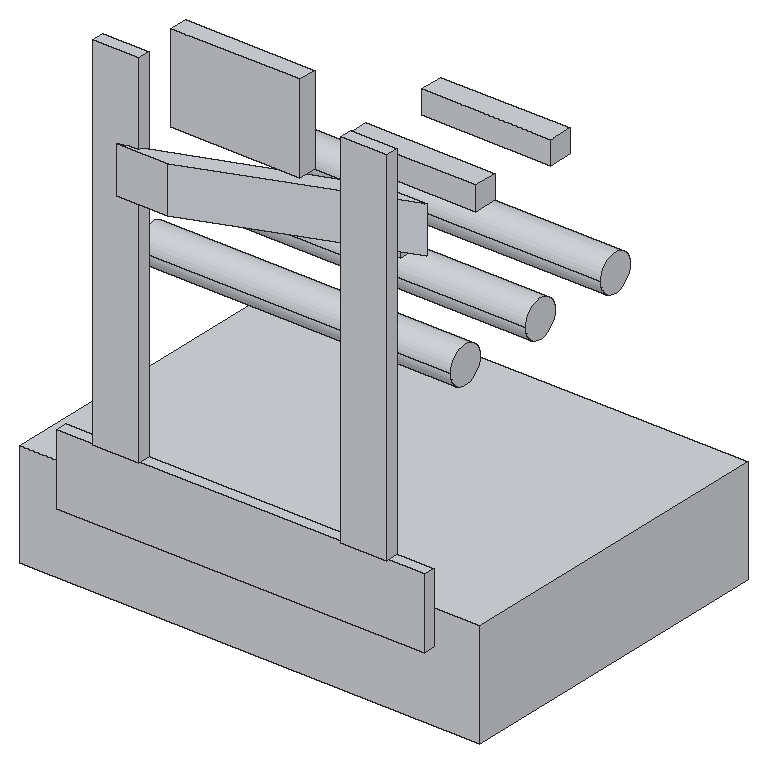
Revit family "GIS_Disconnector", category Modelos genéricos, Revit 2027
Family settings
  Pode hospedar o vergalhão = Não
  Cota do conector redondo = Utilizar diâmetro
  Tipo de parte = Normal
  Com base no plano de trabalho = Não
  Sempre na vertical = Sim
  Corte com vazios quando carregada = Não
  Manter orientação da anotação = Não
  Compartilhado = Não
  Ponto de cálculo do ambiente = Não
Parameters (values of type "GIS_DS_145KV_STUDY")
  Elevação padrão = 0 mm
  BIM_TensaoSecundaria_kV = 0
  BIM_TensaoNominal_kV = 138
  BIM_TensaoClasse_kV = 145
  BIM_TensaoClasseSecundaria_kV = 0
  BIM_Sistema_Elemento [instance] = ""
  BIM_ReferenciaCatalogo = "Portfolio estimate; no model-specific outline drawing supplied"
  BIM_Profundidade = 800 mm
  BIM_Potencia_MVA = 0
  BIM_Localizacao [instance] = ""
  BIM_Largura = 1100 mm
  BIM_Impedancia_pu = 0
  BIM_FonteGeometria = "Portfolio estimate; no model-specific outline drawing supplied"
  BIM_Fabricante = "NAO SELECIONADO"
  BIM_EstadoGeometria = "ESTIMATED"
  BIM_EstadoEspecificacao = "PREMISSA / NAO SELECIONADO"
  BIM_DescricaoEstudo = "Seccionadora GIS conceitual com mecanismo indicativo."
  BIM_CorrenteReferenciaSecundaria_A = 0
  BIM_CorrenteNominal_A = 0
  BIM_Bay [instance] = ""
  BIM_AlturaCorpoPrincipal = 252 mm
  BIM_Altura = 1400 mm
Reference planes
  plane 1 "Centro (Frente/Trás)": y = 0
  plane 2: z = 0
  plane 3 "Centro (Esquerda/Direita)": x = 0
  plane 4 "BIM Left": x = -550
  plane 5 "BIM Right": x = 550
  plane 6 "BIM Front": y = -400
  plane 7 "BIM Back": y = 400
Forms (mm)
  Extrusion 1, solid
    sketch origin (0, 0, 0) x (1, 0, 0) y (0, 1, 0)
      loop
        line (-550, -400) -> (550, -400) -> (550, 400) -> (-550, 400) -> (-550, -400)
    from 0 to 252 <- "BIM_AlturaCorpoPrincipal"
  Extrusion 2, solid
    sketch origin (0, 0, 168) x (1, 0, 0) y (0, 1, 0)
      loop
        line (-440, -427.432) -> (440, -427.432) -> (440, -400) -> (-440, -400) -> (-440, -427.432)
    from 0 to 168
  Extrusion 3, solid
    sketch origin (0, 0, 336) x (1, 0, 0) y (0, 1, 0)
      loop
        line (-352, -430.48) -> (-242, -430.48) -> (-242, -400) -> (-352, -400) -> (-352, -430.48)
    from 0 to 868
  Extrusion 4, solid
    sketch origin (0, 0, 336) x (1, 0, 0) y (0, 1, 0)
      loop
        line (242, -430.48) -> (352, -430.48) -> (352, -400) -> (242, -400) -> (242, -430.48)
    from 0 to 868
  Extrusion 5, solid
    sketch origin (0, 0, 896) x (1, 0, 0) y (0, 1, 0)
      loop
        line (-286, -439.624) -> (-165, -439.624) -> (308, -256) -> (198, -256) -> (-286, -439.624)
    from 0 to 112
  Extrusion 6, solid
    sketch origin (0, 0, 1092) x (1, 0, 0) y (0, 1, 0)
      loop
        line (-154, -442.672) -> (154, -442.672) -> (154, -400) -> (-154, -400) -> (-154, -442.672)
    from 0 to 210
  Extrusion 7, solid
    sketch origin (-374, -224, 672) x (0, 1, 0) y (0, 0, 1)
      loop
        circle (0, 0) r 44
    from 0 to 748
  Extrusion 8, solid
    sketch origin (0, 0, 868) x (1, 0, 0) y (0, 1, 0)
      loop
        line (-66, -252) -> (242, -252) -> (242, -196) -> (-66, -196) -> (-66, -252)
    from 0 to 56
  Extrusion 9, solid
    sketch origin (-374, 0, 672) x (0, 1, 0) y (0, 0, 1)
      loop
        circle (0, 0) r 44
    from 0 to 748
  Extrusion 10, solid
    sketch origin (0, 0, 868) x (1, 0, 0) y (0, 1, 0)
      loop
        line (-66, -28) -> (242, -28) -> (242, 28) -> (-66, 28) -> (-66, -28)
    from 0 to 56
  Extrusion 11, solid
    sketch origin (-374, 224, 672) x (0, 1, 0) y (0, 0, 1)
      loop
        circle (0, 0) r 44
    from 0 to 748
  Extrusion 12, solid
    sketch origin (0, 0, 868) x (1, 0, 0) y (0, 1, 0)
      loop
        line (-66, 196) -> (242, 196) -> (242, 252) -> (-66, 252) -> (-66, 196)
    from 0 to 56
Dimensions and locks
  "BIM_Largura": plane 4 "BIM Left" to plane 5 "BIM Right"
  "BIM_Profundidade": plane 6 "BIM Front" to plane 7 "BIM Back"
  aligned and locked: level to plane 2
  aligned and locked: plane 4 "BIM Left" to Extrusion 1
  aligned and locked: Extrusion 1 to plane 5 "BIM Right"
  aligned and locked: Extrusion 1 to plane 6 "BIM Front"
  aligned and locked: plane 7 "BIM Back" to Extrusion 1
Automatic sketch dimensions
  Extrusion 1 sketch curve to plane 4 "BIM Left" = 0 mm
  Extrusion 1 sketch curve to plane 5 "BIM Right" = 0 mm
  Extrusion 1 sketch curve to plane 6 "BIM Front" = 0 mm
  Extrusion 1 sketch curve to plane 7 "BIM Back" = 0 mm
  Extrusion 2 sketch curve to plane 6 "BIM Front" = 0 mm
  Extrusion 2 sketch curve to plane 6 "BIM Front" = 27.432 mm
  Extrusion 2 sketch curve to plane 4 "BIM Left" = 110 mm
  plane 5 "BIM Right" to Extrusion 2 sketch curve = 110 mm
  Extrusion 3 sketch curve to plane 6 "BIM Front" = 0 mm
  Extrusion 3 sketch curve to plane 6 "BIM Front" = 30.48 mm
  Extrusion 3 sketch curve to plane 4 "BIM Left" = 198 mm
  Extrusion 3 sketch curve to Extrusion 3 sketch curve = 110 mm
  Extrusion 4 sketch curve to plane 6 "BIM Front" = 0 mm
  Extrusion 4 sketch curve to plane 6 "BIM Front" = 30.48 mm
  plane 3 "Centro (Esquerda/Direita)" to Extrusion 4 sketch curve = 242 mm
  Extrusion 4 sketch curve to Extrusion 4 sketch curve = 110 mm
  Extrusion 5 sketch curve to plane 6 "BIM Front" = 39.624 mm
  Extrusion 5 sketch curve to plane 4 "BIM Left" = 264 mm
  Extrusion 5 sketch curve to Extrusion 5 sketch curve = 121 mm
  plane 3 "Centro (Esquerda/Direita)" to Extrusion 5 sketch curve = 198 mm
  Extrusion 5 sketch curve to Extrusion 5 sketch curve = 110 mm
  plane 6 "BIM Front" to Extrusion 5 sketch curve = 144 mm
  Extrusion 6 sketch curve to plane 6 "BIM Front" = 0 mm
  Extrusion 6 sketch curve to plane 6 "BIM Front" = 42.672 mm
  Extrusion 6 sketch curve to plane 3 "Centro (Esquerda/Direita)" = 154 mm
  plane 3 "Centro (Esquerda/Direita)" to Extrusion 6 sketch curve = 154 mm
  Extrusion 7 sketch curve to Extrusion 7 sketch curve = 0 mm  (x2)
  plane 6 "BIM Front" to Extrusion 7 sketch curve = 176 mm
  level to Extrusion 7 sketch curve = 672 mm
  Extrusion 7 sketch curve to Extrusion 7 sketch curve = 44 mm
  Extrusion 8 sketch curve to plane 3 "Centro (Esquerda/Direita)" = 66 mm
  plane 3 "Centro (Esquerda/Direita)" to Extrusion 8 sketch curve = 242 mm
  plane 6 "BIM Front" to Extrusion 8 sketch curve = 148 mm
  Extrusion 8 sketch curve to Extrusion 8 sketch curve = 56 mm
  Extrusion 9 sketch curve to Extrusion 9 sketch curve = 0 mm  (x2)
  Extrusion 9 sketch curve to plane 1 "Centro (Frente/Trás)" = 0 mm
  level to Extrusion 9 sketch curve = 672 mm
  plane 1 "Centro (Frente/Trás)" to Extrusion 9 sketch curve = 44 mm
  plane 1 "Centro (Frente/Trás)" to Extrusion 10 sketch curve = 28 mm
  Extrusion 10 sketch curve to plane 3 "Centro (Esquerda/Direita)" = 66 mm
  Extrusion 10 sketch curve to plane 1 "Centro (Frente/Trás)" = 28 mm
  plane 3 "Centro (Esquerda/Direita)" to Extrusion 10 sketch curve = 242 mm
  Extrusion 11 sketch curve to Extrusion 11 sketch curve = 0 mm  (x2)
  Extrusion 11 sketch curve to plane 7 "BIM Back" = 176 mm
  level to Extrusion 11 sketch curve = 672 mm
  Extrusion 11 sketch curve to Extrusion 11 sketch curve = 44 mm
  Extrusion 12 sketch curve to plane 3 "Centro (Esquerda/Direita)" = 66 mm
  plane 3 "Centro (Esquerda/Direita)" to Extrusion 12 sketch curve = 242 mm
  Extrusion 12 sketch curve to plane 1 "Centro (Frente/Trás)" = 196 mm
  Extrusion 12 sketch curve to Extrusion 12 sketch curve = 56 mm
